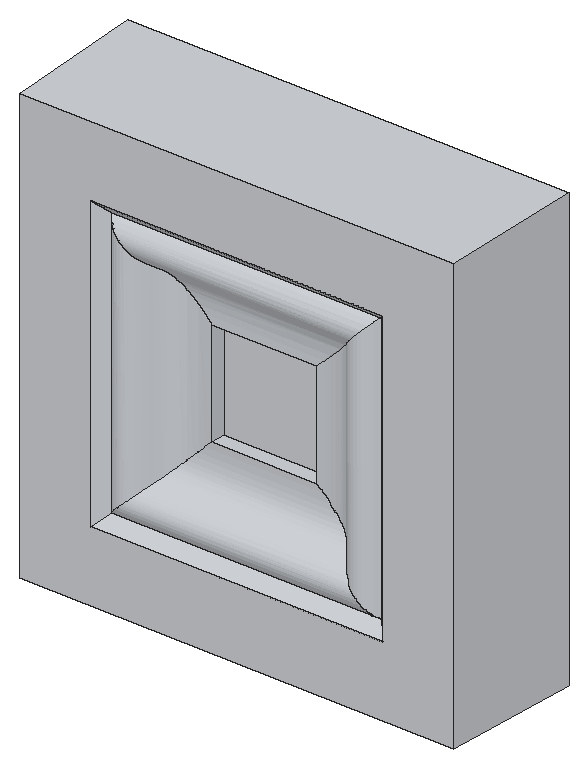
Revit family "OracDecor_D200", category Обобщенные модели, Revit 2019
Family settings
  Может служить основой для арматурных стержней = Нет
  Размер круглого соединителя = Использовать диаметр
  Тип детали = Нормальный
  На основе рабочей плоскости = Нет
  Всегда вертикально = Да
  При загрузке вырезать с полостями = Нет
  Общий = Нет
  Точка расчета площади = Нет
Parameters
  Изготовитель = "Family from POCHERTEAM"  # constant formula
  URL = "t.me/pocherteam"
Reference planes
  plane 1 "По центру (Вперед/Назад)": y = 0
  plane 2: z = 0
  plane 3 "По центру (Влево/Вправо)": x = 0
Forms (mm)
  Sweep 1, solid
    path origin (0, 0, 0) x (1, 0, 0) y (0, 0, 1)
      loop
        line (0, 0) -> (95, 0) -> (95, 95) -> (0, 95) -> (0, 0)
    profile origin (0, 0, 47.5) x (-1, 0, 0) y (0, -1, 0)
      loop
        line (-0.774, 30) -> (-16.042, 30) -> (-18.504, 27.5)
        spline (-18.504, 27.5) -> (-19.925, 29.032) -> (-21.419, 29.73) -> (-22.868, 29.72) -> (-24.149, 29.133) -> (-25.216, 28.115) -> (-26.161, 26.849) -> (-27.097, 25.525) -> (-28.134, 24.33) -> (-29.398, 23.41) -> (-31.05, 22.793) -> (-33.255, 22.487) -> (-36.182, 22.5)
        line (-36.182, 22.5) -> (-36.234, 19.5) -> (-36.234, 0) -> (0, 0) -> (-0.774, 30)
  Extrusion 2, solid
    sketch origin (0, 0, 0) x (1, 0, 0) y (0, 0, 1)
      loop
        line (36.234, 58.766) -> (36.234, 36.234) -> (58.766, 36.234) -> (58.766, 58.766) -> (36.234, 58.766)
    from 0 to 19.5
Cuts and joins
  joined: Sweep 1, Extrusion 2
Dimensions and locks
  Sweep 1 to level = 95 mm
  Sweep 1 to plane 3 "По центру (Влево/Вправо)" = 95 mm
  Sweep 1 to plane 1 "По центру (Вперед/Назад)" = 30 mm
  aligned and locked: level to plane 2
  aligned and locked: Extrusion 2 sketch curve to Sweep 1  (x4)
